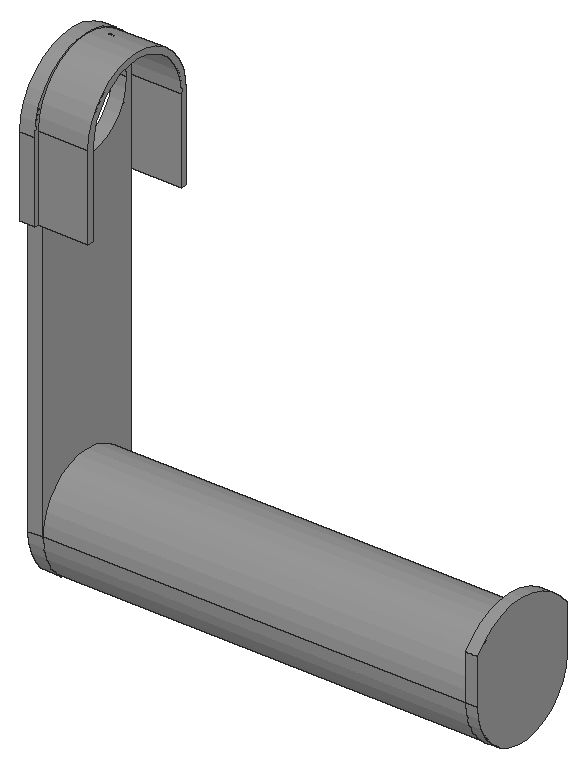
Revit family "KEUCO_34962010000", category Sonderausstattung, Revit 2016
Family settings
  Teiletyp = Normal
  Bemaßung runder Anschluss = Durchmesser verwenden
  Arbeitsebenenbasiert = Nein
  Immer vertikal = Ja
  Beim Laden mit Abzugskörper schneiden = Nein
  Gemeinsam genutzt = Nein
  Raumberechnungspunkt = Nein
Parameters (values of type "34962010000")
  Verwendung = "CA / GWC / WC"  # constant formula
  URL = "https://www.keuco.com/de/produkte/sortiment/artikel/?pid=34962&oid=1&pgo=8&country=de&lang=de&vid=34962010000"
  Serie = "Plan"  # constant formula
  Preisgruppe = "1"  # constant formula
  Materialien bei Hersteller anfragen = "Anfrage zu:  objektmanagement@keuco.de"
  Material [instance] = Aluminium 1100-H18
  Kategorie = "ACC"  # constant formula
  Hersteller = "KEUCO"  # constant formula
  Gewicht = 382
  Beschreibung = "zur Montage an Winkelgriffen"
  Ausschreibungstext = "KEUCO PLAN CARE Toilettenpapierhalter 34962010000 \r\nhochglanzverchromt zur nachträglichen Montage an \r\nHaltegriffen 34901…, Winkelgriffen 34906…., 34907…, \r\nund Stützklappgriffe 32302….\r\nHöhe Mitte Haltegriff bis Unterkante Papierrollenhalter 125 mm"
  Artikelnummer = "34962010000"
Types (3, lengths in mm): name | URL | Materialien bei Hersteller anfragen | Material | Ausschreibungstext | Artikelnummer
  (no name) | "https://www.keuco.com" | "Request to:  objektmanagement@keuco.de" | Stahl, verchromt | "KEUCO PLAN CARE Toilettenpapierhalter 34962010000 \r\nhochglanzverchromt zur nachträglichen Montage an \r\nHaltegriffen 34901…, Winkelgriffen 34906…., 34907…, \r\nund Stützklappgriffe 32302….\r\nHöhe Mitte Haltegriff bis Unterkante Papierrollenhalter 125 mm" | "34962010000"
  34962010000 | "https://www.keuco.com/de/produkte/sortiment/artikel/?pid=34962&oid=1&pgo=8&country=de&lang=de&vid=34962010000" | "Anfrage zu:  objektmanagement@keuco.de" | Aluminium 1100-H18 | "KEUCO PLAN CARE Toilettenpapierhalter 34962010000 \r\nhochglanzverchromt zur nachträglichen Montage an \r\nHaltegriffen 34901…, Winkelgriffen 34906…., 34907…, \r\nund Stützklappgriffe 32302….\r\nHöhe Mitte Haltegriff bis Unterkante Papierrollenhalter 125 mm" | "34962010000"
  34962170000 | "https://www.keuco.com/de/produkte/sortiment/artikel/?pid=34962&oid=1&pgo=8&country=de&lang=de&vid=34962170000" | "Request to:  objektmanagement@keuco.de" | Aluminium 1100-H18 | "KEUCO PLAN CARE Toilettenpapierhalter 34962170000 \r\nAluminium silber-eloxiert (E6 EV1)/verchromt\r\nzur nachträglichen Montage an \r\nHaltegriffen 34901…, Winkelgriffen 34906…., 34907…, \r\nund Stützklappgriffe 32302….\r\nHöhe Mitte Haltegriff bis Unterkante Papierrollenhalter 125 mm" | "34962170000"
Reference planes
  plane 1 "Center (Front/Back)": y = 0
  plane 2: z = 0
  plane 3 "Center (Left/Right)": x = 0
  plane 4: y = -39
  plane 5: z = -144
  plane 6: x = -64.5
  plane 7: z = -18.281
  plane 8: x = -45.244
  plane 9: x = 69.5
  plane 10: y = -19.5
Forms (mm)
  Extrusion 1, solid, material "Aluminium 1100-H18" <- "Material"
    sketch origin (0, 0, -86.858) x (0, 1, 0) y (0, 0, 1)
      loop
        circle (-19.5, -40.642) r 16.5
    from -60.244 to 65.841
  Extrusion 2, solid, material "Aluminium 1100-H18" <- "Material"
    sketch origin (0, 0, 0) x (0, 1, 0) y (0, 0, 1)
      loop
        arc (0, -19.5) -> (-19.5, 0) -> (-39, -19.5) r 19.5
        line (-39, -19.5) -> (-39, -43.281) -> (-35.999, -43.281) -> (-35.999, -127.501)
        arc (-35.999, -127.501) -> (-19.5, -144) -> (-3.001, -127.501) r 16.499
        line (-3.001, -127.501) -> (-3.001, -43.281) -> (0, -43.281) -> (0, -19.5)
    from -64.5 to -60.244
  Extrusion 3, solid, material "Aluminium 1100-H18" <- "Material"
    sketch origin (1.25, 0, -12) x (0, 1, 0) y (0, 0, -1)
      loop
        line (-3, 101.744) -> (-3, 115.5)
        arc (-3, 115.5) -> (-19.5, 132) -> (-36, 115.5) r 16.5
        line (-36, 115.5) -> (-36, 101.744)
        arc (-36, 101.744) -> (-19.5, 93.27) -> (-3, 101.744) r 20.301
    from -68.25 to -64.591
  Extrusion 4, solid, material "Aluminium 1100-H18" <- "Material"
    sketch origin (0, 0, 28.142) x (0, 1, 0) y (0, 0, 1)
      loop
        arc (-1.219, -46.424) -> (-19.5, -28.142) -> (-37.781, -46.424) r 18.281
        line (-37.781, -46.424) -> (-37.781, -71.424) -> (-36, -71.424) -> (-36, -46.424)
        arc (-36, -46.424) -> (-19.5, -29.924) -> (-3, -46.424) r 16.5
        line (-3, -46.424) -> (-3, -71.424) -> (-1.219, -71.424) -> (-1.219, -46.424)
    from -60.244 to -45.244
  Extrusion 5, void
    sketch origin (0, 0, 0) x (0, 1, 0) y (0, 0, 1)
      loop
        circle (-19.5, -18.281) r 15
    from -70.543 to -52.713
Cuts and joins
  Extrusion 5 cuts Extrusion 2
  joined: Extrusion 1, Extrusion 2, Extrusion 3
Lines and regions (mm)
  symbolic lines
    curve 1: line (-45.244, 0, 0) -> (54.5, 0, 0)
    curve 2: line (54.5, 0, 0) -> (54.5, -8.984, 0)
    curve 3: line (-64.5, -8.984, 0) -> (64.5, -8.984, 0)
    curve 4: line (64.5, -8.984, 0) -> (64.5, -27.285, 0)
    curve 5: line (64.5, -27.285, 0) -> (-64.5, -27.285, 0)
    curve 6: line (-64.5, -27.285, 0) -> (-64.5, -8.984, 0)
    curve 7: line (-45.244, -8.984, 0) -> (-45.244, 0, 0)
Dimensions and locks
  plane 4 to plane 1 "Center (Front/Back)" = 39 mm
  plane 2 to plane 5 = 144 mm  (x2)
  level to plane 7 = 18.281 mm
  locked: Extrusion 2 to Extrusion 2 at 4.256
  Extrusion 3 to Extrusion 3 = 3.659 mm
  plane 9 to plane 6 = 134 mm
  plane 1 "Center (Front/Back)" to plane 4 = 39 mm
  equal spacing: plane 1 "Center (Front/Back)", plane 10, plane 4
  aligned and locked: level to plane 2
  aligned and locked: Extrusion 2 to plane 6
  aligned and locked: Extrusion 1 to Extrusion 2
  aligned and locked: Extrusion 1 to Extrusion 3
  aligned and locked: plane 9 to Extrusion 3
  aligned and locked: plane 1 "Center (Front/Back)" to Extrusion 2 sketch curve
  aligned and locked: cut or joined group of Extrusion 1, Extrusion 2, Extrusion 3, Extrusion 5 to Extrusion 4  (x2)
  aligned and locked: Extrusion 4 to cut or joined group of Extrusion 1, Extrusion 2, Extrusion 3, Extrusion 5
  aligned and locked: plane 8 to Extrusion 4
Automatic sketch dimensions
  curve 3 to plane 6 = 0 mm
  curve 7 to plane 8 = 0 mm
  plane 1 "Center (Front/Back)" to curve 2 = 0 mm
  curve 2 to plane 9 = 15 mm
  curve 3 to plane 9 = 5 mm
  plane 1 "Center (Front/Back)" to curve 3 = 8.984 mm
  plane 10 to curve 5 = 7.785 mm
  Extrusion 1 sketch curve to plane 10 = 0 mm
  plane 5 to Extrusion 1 sketch curve = 16.5 mm
  plane 10 to Extrusion 3 sketch curve = 16.5 mm
  plane 10 to Extrusion 3 sketch curve = 0 mm  (x2)
  plane 5 to Extrusion 3 sketch curve = 30.256 mm
  plane 5 to Extrusion 3 sketch curve = 18.43 mm
  Extrusion 3 sketch curve to Extrusion 3 sketch curve = 1.93 mm
  Extrusion 4 sketch curve to Extrusion 4 sketch curve = 0 mm  (x3)
  Extrusion 4 sketch curve to plane 7 = 0 mm
  Extrusion 4 sketch curve to plane 10 = 0 mm
  plane 4 to Extrusion 4 sketch curve = 3 mm
  plane 4 to Extrusion 4 sketch curve = 1.219 mm
  Extrusion 4 sketch curve to Extrusion 4 sketch curve = 25 mm
  Extrusion 2 sketch curve to plane 4 = 0 mm
  plane 4 to Extrusion 2 sketch curve = 3.001 mm
  Extrusion 2 sketch curve to plane 10 = 0 mm
  plane 5 to Extrusion 2 sketch curve = 16.499 mm
  Extrusion 2 sketch curve to plane 7 = 25 mm
  Extrusion 2 sketch curve to plane 7 = 1.219 mm
  Extrusion 2 sketch curve to Extrusion 2 sketch curve = 0 mm
  Extrusion 5 sketch curve to plane 7 = 0 mm
  Extrusion 5 sketch curve to plane 10 = 0 mm
  radius of Extrusion 1 sketch curve = 16.5 mm
  radius of Extrusion 5 sketch curve = 15 mm
